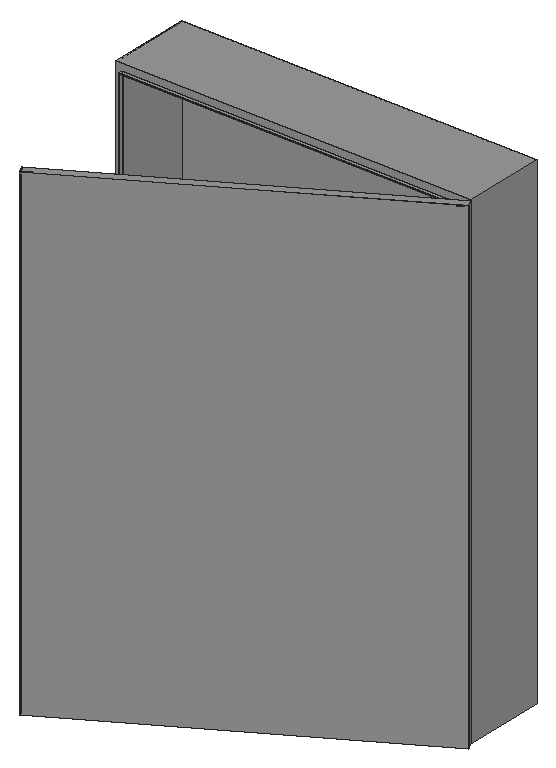
Revit family "Hager-Univers-IP54-D205-H1100-Cl.I-Encl-NoHosted-CH-fr", category Electrical Equipment, Revit 2020
Family settings
  Panel Configuration = Two Columns, Circuits Across
  Round Connector Dimension = Use Diameter
  Part Type = Panelboard
  Work Plane-Based = Yes
  Always vertical = Yes
  Cut with Voids When Loaded = No
  Shared = No
  Room Calculation Point = No
Parameters (values of type "saillie IP54 L800 H1100 P205  - FP73TW2")
  Width Control [instance] = if([EF000008 - largeur] > Min Width, [EF000008 - largeur], Min Width)  # 800 mm
  Type Comments = [HG000003 - Gamme]  # "Univers"
  Thickness Door [instance] = if([EF009171 - épaisseur de matériau de la porte/du couvercle] > 3 mm, 3 mm, [EF009171 - épaisseur de matériau de la porte/du couvercle])  # 1 mm
  Seal Frame Offset [instance] = 17 mm  # constant formula
  Plinth Visibility [instance] = [HG000027 - Hauteur du socle] > 0 mm  # no
  Min Width [instance] = 100 mm  # constant formula
  Min Depth [instance] = (2 * [EF009170 - épaisseur de matériau du boîtier]) + 1 mm  # 3 mm
  Min Height [instance] = 100 mm  # constant formula
  Internal Frame Depth [instance] = (Door System Depth * 0.5)  # 9 mm
  Panel Name [instance] = ""  # (empty or 0)
  Model = ""
  HG000027 - Hauteur du socle = 0 mm
  HG000026 - Installation au sol = no
  HG000024 - Hauteur de la section basse = 600 mm
  HG000023 - Armoire double section = no
  HG000016 - Visibilité de la porte 3D [instance] = yes
  HG000015 - Visibilité de l'emprise de la porte [instance] = no
  HG000014 - Porte à droite [instance] = yes
  HG000013 - Porte à gauche [instance] = not([HG000014 - Porte à droite])  # no
  HG000012 - Angle de pivotement de la porte [instance] = 30.00°
  HG000010 - Portes asymétriques = no
  HG000009 - Porte à double battant = no
  HG000006 - Encastré = no
  HG000004 - Référence fabricant = "FP73TW2"
  HG000003 - Gamme = "Univers"
  HG000002 - avec porte = yes
  Frame Offset Bottom [instance] = 10 mm  # constant formula
  Frame Offset [instance] = 15 mm  # constant formula
  EF015940 - couvercle avec décharge de pression = no
  EF011959 - degré de protection (NEMA) = ""
  EF009554 - nombre d'ouvertures pour plaques à bride = 6
  EF009212 - finition du couvercle = "EV000116 - fermé"
  EF009171 - épaisseur de matériau de la porte/du couvercle = 1 mm
  EF009170 - épaisseur de matériau du boîtier = 1 mm
  EF008873 - courant nominal (In) = 250 A
  EF007800 - adapté à un parafoudre = no
  EF006306 - avec serrure = no
  EF006244 - couvercle/porte transparent(e) = no
  EF005474 - indice de protection (IP) = "EV006419 - IP54"
  EF004464 - type de porte = "EV002646 - unique"
  EF004427 - nombre de modules = 252
  EF004293 - indice de protection contre les chocs (IK) = "EV006815 - IK09"
  EF003532 - convient pour utilisation à l’extérieur = no
  EF002950 - largeur en nombre de modules = 36
  EF001613 - maintien de fonction = "EV000494 - sans"
  EF001596 - matériau du boîtier/corps = "EV000179 - acier"
  EF001131 - profondeur intérieure = 130 mm
  EF001088 - possibilité de montage en saillie = yes
  EF000437 - nombre d'entrées de conduit = 6
  EF000339 - type de capot = "EV001012 - couvercle"
  EF000266 - nombre de rangées = 7
  EF000218 - profondeur d'encastrement = 205 mm
  EF000118 - avec cadre/support de montage = no
  EF000116 - numéro RAL = "9010"
  EF000049 - profondeur = 205 mm
  EF000040 - hauteur = 1100 mm
  EF000008 - largeur = 800 mm
  EF000007 - couleur = "EV000202 - blanc"
  EF000003 - mode de pose = "EV000384 - saillie"
  Door System Leaf Tolerance [instance] = 1.5 mm  # constant formula
  Door System Depth [instance] = 18 mm  # constant formula
  Door Height [instance] = Height Control - [HG000027 - Hauteur du socle]  # 1100 mm
  Description = ""
  Default Elevation = 1219.2 mm
  Connector Offset [instance] = Height Control / 2  # 550 mm
  Manufacturer = "Hager"  # constant formula
  Height Control [instance] = if([EF000040 - hauteur] > Min Height, [EF000040 - hauteur], Min Height)  # 1100 mm
  Depth Control [instance] = if([EF000049 - profondeur] > Min Depth, [EF000049 - profondeur], Min Depth)  # 205 mm
  Bottom Top Plate Trim [instance] = 1.5 mm  # constant formula
  Plinth height Ctrl [instance] = if([HG000027 - Hauteur du socle] > 0 mm, [HG000027 - Hauteur du socle], 12 mm)  # 12 mm
Types (4, lengths in mm): name | Width Control | HG000004 - Référence fabricant | EF009554 - nombre d'ouvertures pour plaques à bride | EF004464 - type de porte | EF004427 - nombre de modules | EF002950 - largeur en nombre de modules | EF000437 - nombre d'entrées de conduit | EF000008 - largeur
  saillie IP54 L1050 H1100 P205  - FP74TW2 | 1050 | "FP74TW2" | 8 | "EV003602 - double" | 336 | 48 | 8 | 1050
  saillie IP54 L1300 H1100 P205  - FP75TW2 | 1300 | "FP75TW2" | 10 | "EV003602 - double" | 420 | 60 | 10 | 1300
  saillie IP54 L550 H1100 P205  - FP72TW2 | 550 | "FP72TW2" | 4 | "EV002646 - unique" | 168 | 24 | 4 | 550
  saillie IP54 L800 H1100 P205  - FP73TW2 | 800 | "FP73TW2" | 6 | "EV002646 - unique" | 252 | 36 | 6 | 800
Reference planes
  plane 1 "Center (Front/Back)": y = 0
  plane 2: z = 0
  plane 3 "Center (Left/Right)": x = 0
  plane 4: y = 0
  plane 5: y = 0
  plane 6: z = 0
  plane 7: x = -400
  plane 8: x = 400
  plane 9: x = 399
  plane 10: x = -399
  plane 11: z = 0
  plane 12: z = 1
  plane 13: y = -205
  plane 14: y = -1
  plane 15: x = 0
  plane 16: y = -187
  plane 17: y = -204
  plane 18: y = -186
  plane 19: x = -384
  plane 20: x = 384
  plane 21: z = 11
  plane 22: x = -383
  plane 23: x = 383
  plane 24: z = 0
  plane 25: z = 1100
  plane 26: z = 1100
  plane 27: z = 1084
  plane 28: z = 1099
Forms (mm)
  Extrusion 1, solid, material "Hager_Steel_RAL7035_Light_Grey", detail levels medium+fine
    sketch origin (-208.679, -4572, 0) x (-1, 0, 0) y (0, -1, 0)
      loop
        line (191.321, -4385) -> (-608.679, -4385) -> (-608.679, -4572) -> (191.321, -4572) -> (191.321, -4385)
    from 0 to 1100
  Extrusion 2, void
    sketch origin (-350.771, -205, 1219.2) x (1, 0, 0) y (0, 0, 1)
      loop
        line (-48.229, -120.2) -> (-48.229, -1218.2) -> (749.771, -1218.2) -> (749.771, -120.2) -> (-48.229, -120.2)
    from -19 to -204
  Extrusion 3, void
    sketch origin (-290.084, -187, 1219.2) x (1, 0, 0) y (0, 0, 1)
      loop
        line (-93.916, -1208.2) -> (674.084, -1208.2) -> (674.084, -135.2) -> (-93.916, -135.2) -> (-93.916, -1208.2)
    from 0 to -1
  Extrusion 4, solid, material "Hager_Steel_RAL7035_Light_Grey", visible <- "Plinth Visibility", detail levels medium+fine
    sketch origin (0, 0, 0) x (1, 0, 0) y (0, 1, 0)
      loop
        line (-400, 0) -> (-400, -187) -> (400, -187) -> (400, 0) -> (-400, 0)
    from 0 to 12 <- "Plinth height Ctrl"
  Extrusion 5, solid, material "Hager_Steel_RAL7035_Light_Grey", detail levels coarse
    sketch origin (0, 0, 0) x (1, 0, 0) y (0, 1, 0)
      loop
        line (-400, 0) -> (-400, -205) -> (400, -205) -> (400, 0) -> (-400, 0)
    from 0 to 1100 <- "Height Control"
  Sweep 6, void
    path in 3D
      loop
        line (-400, -187, 12) -> (400, -187, 12) -> (400, 0, 12) -> (-400, 0, 12) -> (-400, -187, 12)
    profile origin (-400, -93.5, 12) x (1, 0, 0) y (0, 0, 1)
      loop
        line (0, 0) -> (0, -1.5) -> (1.5, -1.5)
        arc (1.5, -1.5) -> (1.061, -0.439) -> (0, 0) r 1.5
  Extrusion 7, solid, material "Hager_Steel_RAL7035_Light_Grey", detail levels fine
    sketch origin (-400, -187, 0) x (1, 0, 0) y (0, 0, 1)
      loop
        line (16, 11) -> (784, 11) -> (784, 1084) -> (16, 1084) -> (16, 11)
      loop
        line (15, 10) -> (785, 10) -> (785, 1085) -> (15, 1085) -> (15, 10)
    from 0 to 9 <- "Internal Frame Depth"
Cuts and joins
  Extrusion 2, Extrusion 3 cuts Extrusion 1
  Sweep 6 cuts Extrusion 4
Lines and regions (mm)
  Masking region 1
    outline origin (0, 0, 0) x (1, 0, 0) y (0, 1, 0)
      loop
        line (-400, 0) -> (-400, -205) -> (400, -205) -> (400, 0) -> (-400, 0)
  Masking region 2, detail levels coarse
    outline origin (-290.084, -187, 1219.2) x (-1, 0, 0) y (0, 0, 1)
      loop
        line (-690.084, -1219.2) -> (109.916, -1219.2) -> (109.916, -119.2) -> (-690.084, -119.2) -> (-690.084, -1219.2)
  Masking region 3, detail levels coarse
    outline origin (0, 0, 0) x (0, 1, 0) y (0, 0, 1)
      loop
        line (0, 0) -> (0, 1100) -> (-205, 1100) -> (-205, 0) -> (0, 0)
  Masking region 4, visible <- "Plinth Visibility", detail levels medium+fine
    outline origin (0, 0, 0) x (0, 1, 0) y (0, 0, 1)
      loop
        line (-1.5, 12) -> (-185.5, 12)
        arc (-185.5, 12) -> (-185.939, 10.939) -> (-187, 10.5) r 1.5
        line (-187, 10.5) -> (-187, 0) -> (0, 0) -> (0, 10.5)
        arc (0, 10.5) -> (-1.061, 10.939) -> (-1.5, 12) r 1.5
  Masking region 5, detail levels medium+fine
    outline origin (0, 0, 594.038) x (0, 1, 0) y (0, 0, 1)
      loop
        line (0, -594.038) -> (0, 505.962) -> (-187, 505.962) -> (-187, -594.038) -> (0, -594.038)
  Masking region 6, detail levels medium+fine
    outline origin (-359.7, -187, 1211.883) x (-1, 0, 0) y (0, 0, 1)
      loop
        line (-759.7, -1211.883) -> (40.3, -1211.883) -> (40.3, -111.883) -> (-759.7, -111.883) -> (-759.7, -1211.883)
  Masking region 7, visible <- "Plinth Visibility", detail levels medium+fine
    outline origin (-320.334, -187, 1041.368) x (-1, 0, 0) y (0, 0, 1)
      loop
        line (-720.334, -1041.368) -> (79.666, -1041.368) -> (79.666, -1030.868)
        arc (79.666, -1030.868) -> (78.606, -1030.429) -> (78.166, -1029.368) r 1.5
        line (78.166, -1029.368) -> (-718.834, -1029.368)
        arc (-718.834, -1029.368) -> (-719.273, -1030.429) -> (-720.334, -1030.868) r 1.5
        line (-720.334, -1030.868) -> (-720.334, -1041.368)
  sketch lines
    curve 1: line (-400, 0, 12) -> (-400, -187, 12)
    curve 2: line (-400, -187, 12) -> (400, -187, 12)
    curve 3: line (400, 0, 12) -> (-400, 0, 12)
    curve 4: line (400, -187, 12) -> (400, 0, 12)
Dimensions and locks
  locked: plane 1 "Center (Front/Back)" to plane 5
  "EF009170 - épaisseur de matériau du boîtier": plane 7 to plane 10
  "EF009170 - épaisseur de matériau du boîtier": plane 8 to plane 9
  equal spacing: plane 7, plane 3 "Center (Left/Right)", plane 8
  "Width Control": plane 7 to plane 8
  "Depth Control": plane 4 to plane 13
  "EF009170 - épaisseur de matériau du boîtier": plane 4 to plane 14
  "Height Control": plane 25 to level
  "HG000027 - Hauteur du socle": plane 11 to level
  "EF009170 - épaisseur de matériau du boîtier": plane 12 to plane 11
  "EF009170 - épaisseur de matériau du boîtier": plane 17 to plane 13
  "EF009170 - épaisseur de matériau du boîtier": plane 18 to plane 16
  "Frame Offset Bottom": plane 21 to plane 12
  "Frame Offset": plane 10 to plane 19
  "Frame Offset": plane 9 to plane 20
  "Door System Depth": plane 16 to plane 13
  "Seal Frame Offset": plane 7 to plane 22
  "Seal Frame Offset": plane 8 to plane 23
  "EF009170 - épaisseur de matériau du boîtier": plane 26 to plane 28
  "Frame Offset": plane 28 to plane 27
  "Connector Offset": plane 2 to connector elem
  "Bottom Top Plate Trim": profile plane to Sweep 6 sketch curve
  "Bottom Top Plate Trim": Sweep 6 sketch curve to Sweep 6 sketch curve
  "Plinth height Ctrl": Masking region 4 sketch curve to level
  "Plinth height Ctrl": Masking region 7 sketch curve to level
  "Thickness Door": Extrusion 7 sketch curve to Extrusion 7 sketch curve  (x4)
  "Bottom Top Plate Trim": radius of Sweep 6 sketch curve
  "Bottom Top Plate Trim": radius of Masking region 4 sketch curve  (x2)
  "Bottom Top Plate Trim": radius of Masking region 7 sketch curve  (x2)
  aligned and locked: Extrusion 2 sketch curve to plane 12
  aligned and locked: Extrusion 2 sketch curve to plane 9
  aligned and locked: Extrusion 2 sketch curve to plane 10
  aligned and locked: Extrusion 2 to plane 14
  aligned and locked: Extrusion 1 sketch curve to plane 4
  aligned and locked: plane 8 to Extrusion 1 sketch curve
  aligned and locked: plane 7 to Extrusion 1 sketch curve
  aligned and locked: Extrusion 2 to plane 18
  aligned and locked: Extrusion 3 sketch curve to plane 19
  aligned and locked: plane 20 to Extrusion 3 sketch curve
  aligned and locked: Extrusion 3 to Extrusion 2
  aligned and locked: Extrusion 3 sketch curve to plane 21
  aligned and locked: plane 3 "Center (Left/Right)" to nested 1
  aligned and locked: Extrusion 1 sketch curve to plane 16
  aligned and locked: Extrusion 4 sketch curve to cut or joined group of Extrusion 1, Extrusion 2, Extrusion 3
  aligned and locked: Masking region 1 sketch curve to plane 7
  aligned and locked: Masking region 1 sketch curve to plane 5
  aligned and locked: Masking region 1 sketch curve to plane 8
  aligned and locked: Masking region 2 sketch curve to level
  aligned and locked: level to Masking region 3 sketch curve
  aligned and locked: plane 1 "Center (Front/Back)" to Masking region 3 sketch curve
  aligned and locked: plane 13 to Masking region 3 sketch curve
  aligned and locked: plane 5 to Masking region 4 sketch curve
  aligned and locked: Masking region 2 sketch curve to plane 8
  aligned and locked: Masking region 2 sketch curve to plane 7
  aligned and locked: plane 7 to nested 2
  aligned and locked: nested 2 to plane 5
  aligned and locked: plane 5 to Masking region 5 sketch curve
  aligned and locked: plane 26 to Masking region 5 sketch curve
  aligned and locked: Extrusion 5 sketch curve to plane 8
  aligned and locked: Extrusion 5 sketch curve to plane 7
  aligned and locked: Extrusion 5 sketch curve to plane 5
  aligned and locked: Extrusion 3 sketch curve to plane 27
  aligned and locked: Extrusion 2 sketch curve to plane 28
  aligned and locked: Masking region 2 to plane 25
  aligned and locked: Extrusion 4 to plane 16
  aligned and locked: profile plane to Sweep 6 sketch curve
  aligned and locked: Masking region 5 sketch curve to plane 24
  aligned and locked: level to Masking region 4 sketch curve
  aligned and locked: Masking region 1 to plane 13
  aligned and locked: nested 1 to plane 16
  aligned and locked: Masking region 3 to plane 25
  aligned and locked: plane 16 to Masking region 4 sketch curve
  aligned and locked: Masking region 5 sketch curve to plane 16
  aligned and locked: plane 24 to plane 11
  aligned and locked: plane 26 to plane 25
  aligned and locked: plane 26 to cut or joined group of Extrusion 1, Extrusion 2, Extrusion 3
  aligned and locked: nested 1 to plane 24
  aligned and locked: Extrusion 1 to Extrusion 3
  aligned and locked: Masking region 6 sketch curve to plane 8
  aligned and locked: Masking region 6 sketch curve to plane 24
  aligned and locked: Masking region 6 sketch curve to plane 7
  aligned and locked: Masking region 6 sketch curve to plane 26
  aligned and locked: Masking region 7 sketch curve to plane 7
  aligned and locked: level to Masking region 7 sketch curve
  aligned and locked: Masking region 7 sketch curve to plane 8
  aligned and locked: Extrusion 7 sketch curve to cut or joined group of Extrusion 1, Extrusion 2, Extrusion 3  (x4)
Automatic sketch dimensions
  plane 19 to Extrusion 3 sketch curve = 0 mm
  Extrusion 3 sketch curve to plane 20 = 0 mm
  Extrusion 3 sketch curve to plane 21 = 0 mm
  Extrusion 4 sketch curve to plane 7 = 0 mm
  Extrusion 4 sketch curve to plane 8 = 0 mm
  Extrusion 4 sketch curve to plane 16 = 0 mm
  Masking region 1 sketch curve to plane 13 = 0 mm
  Masking region 2 sketch curve to plane 25 = 0 mm
  Masking region 3 sketch curve to plane 25 = 0 mm
  Extrusion 5 sketch curve to plane 13 = 0 mm
  profile plane to Sweep 6 sketch curve = 0 mm
Nested families
  nested 1: "EC000058_Univers_Door" at (0, -187, 0), Double <- "HG000009 - Porte à double battant", Transparent <- "EF006244 - couvercle/porte transparent(e)", Angle <- "HG000012 - Angle de pivotement de la porte", Door_Right <- "HG000014 - Porte à droite", Assymetrical <- "HG000010 - Portes asymétriques", Door <- "HG000002 - avec porte", Width_Ctrl <- "Width Control", 3d_Door <- "HG000016 - Visibilité de la porte 3D", Clearance <- "HG000015 - Visibilité de l'emprise de la porte", Door_Left <- "HG000013 - Porte à gauche", Width <- "Width Control", Door_Depth <- "Door System Depth", Leaf_Tolerance <- "Door System Leaf Tolerance", Height <- "Door Height", Lock_Visibility <- "EF006306 - avec serrure", Thickness <- "Thickness Door", type "EC000058_Univers_Door", detail levels medium+fine
    with min_wh 3 mm, Width_Ctrl 800 mm, Width 800 mm, Transparent no, Thickness 1 mm, Seal_Material Hager_Rubber, Lock_Visibility no, Lock_Material Hager_Plastic_RAL9005_Jet_Black, Leaf_Width 800 mm, Leaf_Tolerance_External_Sides 0 mm, Leaf_Tolerance 1.5 mm, Leaf_Offset 0 mm, Leaf_Height 1097 mm, Leaf_2_Width 800 mm, Leaf_2_Offset 400 mm, Leaf_1_Width 800 mm, Leaf_1_Offset 400 mm, Height_Ctrl 1100 mm, Height 1100 mm, Glass_Material Hager_Glass, Double_Clearance_Ctrl no, Double no, Door_Right_Ctrl yes, Door_Right yes, Door_Material Hager_Steel_RAL7035_Light_Grey, Door_Left_Ctrl no, Door_Left no, Door_Depth 18 mm, Door yes, Clearance_Material Hager_Clearance, Clearance_Depth 800 mm, Clearance_Ctrl no, Clearance no, Assymetrical no, Angle 30.00°, 3d_Door yes
  nested 2: "Hager_Enclosure_Symbol" at (-400, 0, 0), Height <- "Depth Control", Width <- "Width Control", type "Hager_Enclosure_Symbol"
    with Width_Ctrl 800 mm, Width 800 mm, Height_Ctrl 205 mm, Height 205 mm, A_Width_Int 13.453 mm, A_Width 161.438 mm, A_Height_Ctrl 179.375 mm, A_Height 179.375 mm
Connectors
  electrical at (0, 0, 550)
    settings: on plane 1 "Center (Front/Back)", index 1, voltage 0 V, apparent load 0 VA, apparent load phase1 0 VA, apparent load phase2 0 VA, apparent load phase3 0 VA, power factor 1, load classification "Other", number of poles 1, system type 30, power factor state 1, is connector primary yes, connector utility no, sub classification motor no, connector description ""
Definition of nested family "EC000058_Univers_Door"
  Parameters (values of type "EC000058_Univers_Door")
    min_wh [instance] = (2 * Thickness) + 1 mm  # 11 mm
    Width_Ctrl [instance] = 400 mm
    Width [instance] = 500 mm
    Transparent [instance] = yes
    Thickness [instance] = 5 mm
    Seal_Material [instance] = none
    Lock_Visibility [instance] = yes
    Lock_Material [instance] = none
    Leaf_Width [instance] = if((Width_Ctrl - 2 * Leaf_Tolerance_External_Sides) > 0 mm, (Width_Ctrl - 2 * Leaf_Tolerance_External_Sides), min_wh)  # 400 mm
    Leaf_Tolerance_External_Sides [instance] = 0 mm  # constant formula
    Leaf_Tolerance [instance] = 1.5 mm
    Leaf_Offset [instance] = 0 mm  # constant formula
    Leaf_Height [instance] = if((Height_Ctrl - 2 * Leaf_Tolerance) > 0 mm, (Height_Ctrl - 2 * Leaf_Tolerance), min_wh)  # 497 mm
    Leaf_2_Width [instance] = if(and(and(Double, Assymetrical), Door_Left), (Leaf_Width / 3) - (Leaf_Tolerance / 2), if(and(and(Double, Assymetrical), Door_Right), (Leaf_Width / 3) * 2 - (Leaf_Tolerance / 2), if(and(Double, not(Assymetrical)), (Leaf_Width / 2) - Leaf_Tolerance, Leaf_Width)))  # 400 mm
    Leaf_2_Offset [instance] = if(and(Double, Assymetrical), Leaf_2_Width / 2, if(and(Double, not(Assymetrical)), Leaf_Width / 4, Leaf_Width / 2))  # 200 mm
    Leaf_1_Width [instance] = if(and(and(Double, Assymetrical), Door_Right), (Leaf_Width / 3) - (Leaf_Tolerance / 2), if(and(and(Double, Assymetrical), Door_Left), (Width / 3) * 2 - (Leaf_Tolerance / 2), if(and(Double, not(Assymetrical)), (Leaf_Width / 2) - Leaf_Tolerance, Leaf_Width)))  # 400 mm
    Leaf_1_Offset [instance] = if(and(Double, Assymetrical), Leaf_1_Width / 2, if(and(Double, not(Assymetrical)), Leaf_Width / 4, Leaf_Width / 2))  # 200 mm
    Height_Ctrl [instance] = if(Height > min_wh, Height, min_wh)  # 500 mm
    Height [instance] = 500 mm
    Glass_Material [instance] = none
    Double_Clearance_Ctrl [instance] = and(Double, Clearance)  # no
    Double [instance] = no
    Door_Right_Ctrl [instance] = and(or(Door_Right, Double), Door)  # yes
    Door_Right [instance] = yes
    Door_Material [instance] = none
    Door_Left_Ctrl [instance] = and(or(Door_Left, Double), Door)  # no
    Door_Left [instance] = no
    Door_Depth [instance] = 30 mm
    Door [instance] = yes
    Default Elevation = 1219.2 mm
    Clearance_Material [instance] = none
    Clearance_Depth [instance] = if(Leaf_1_Width > Leaf_2_Width, Leaf_1_Width, Leaf_2_Width)  # 400 mm
    Clearance_Ctrl [instance] = and(not(Double), Clearance)  # yes
    Clearance [instance] = yes
    Assymetrical [instance] = yes
    Angle [instance] = 30.00°
    3d_Door [instance] = yes
  Reference planes
    plane 1 "Center (Front/Back)": y = 0
    plane 2 "Bottom": z = 0
    plane 3 "Center (Left/Right)": x = 0
    plane 4: z = 500
    plane 5: x = -200
    plane 6: x = 200
    plane 7: z = 500
    plane 8: x = -200
    plane 9: z = 0
    plane 10: x = 200
    plane 11: y = 0
    plane 12: z = 1.5
    plane 13: x = -600
    plane 14: y = -400
    plane 15: x = 600
    plane 16: x = 0
    plane 17: x = 0
    plane 18: x = -200
    plane 19: x = 200
    plane 20: z = 498.5
  Forms (mm)
    Extrusion 1, solid, material <- "Clearance_Material", visible <- "Double_Clearance_Ctrl"
      sketch origin (1200, 0, 0) x (1, 0, 0) y (0, 0, -1)
        loop
          line (-1800, -498.5) -> (-600, -498.5) -> (-600, 0) -> (-1800, 0) -> (-1800, -498.5)
      from 0 to -400
  Dimensions and locks
    equal spacing: plane 5, plane 3 "Center (Left/Right)", plane 6
    "Width_Ctrl": plane 5 to plane 6
    "Leaf_Offset": plane 5 to plane 8
    "Leaf_Offset": plane 6 to plane 10
    "Leaf_Offset": plane 9 to level
    "Leaf_Offset": plane 4 to plane 7
    "Height_Ctrl": plane 4 to level
    "Leaf_Tolerance": plane 12 to plane 9
    locked: plane 11 to plane 1 "Center (Front/Back)"
    "Leaf_1_Offset": plane 18 to plane 16
    "Leaf_2_Offset": plane 17 to plane 19
    "Leaf_1_Width": plane 13 to plane 8
    "Leaf_2_Width": plane 10 to plane 15
    "Clearance_Depth": plane 14 to plane 1 "Center (Front/Back)"
    "Leaf_Tolerance_External_Sides": plane 8 to plane 18
    "Leaf_Tolerance_External_Sides": plane 19 to plane 10
    "Leaf_Tolerance": plane 7 to plane 20
    aligned and locked: level to plane 2 "Bottom"
    aligned and locked: nested 1 to plane 16
    aligned and locked: nested 2 to plane 17
    aligned and locked: Extrusion 1 to plane 13
    aligned and locked: plane 15 to Extrusion 1
    aligned and locked: Extrusion 1 to plane 14
    aligned and locked: plane 12 to nested 1
    aligned and locked: nested 2 to plane 12
    aligned and locked: Extrusion 1 to plane 11
    aligned and locked: plane 20 to Extrusion 1
    aligned and locked: nested 2 to plane 11
    aligned and locked: nested 1 to plane 11
  Automatic sketch dimensions
    Extrusion 1 sketch curve to level = 0 mm
    plane 5 to Extrusion 1 sketch curve = 400 mm
    plane 6 to Extrusion 1 sketch curve = 400 mm
    Extrusion 1 sketch curve to plane 4 = 1.5 mm
  Nested families
    nested 1: "EC000058_Univers_Door_Leaf" at (0, 0, 1.5), Width <- "Leaf_1_Width", visible <- "Door_Left_Ctrl", Leaf_Height <- "Leaf_Height", Angle <- "Angle", 3d_Door <- "3d_Door", Transparent <- "Transparent", Clearance Material <- "Clearance_Material", Clearance <- "Clearance_Ctrl", Door_Material <- "Door_Material", Glass_Material <- "Glass_Material", Door_Depth <- "Door_Depth", Lock_Material <- "Lock_Material", Seal_Material <- "Seal_Material", Lock_Visibility <- "Lock_Visibility", Thickness <- "Thickness", type "EC000058_Univers_Door_Leaf"
      with Width 400 mm, Transparent_Glass_Offset 30 mm, Transparent_Ctrl yes, Transparent yes, Thickness 5 mm, Standard no, Seal_Material none, Seal_D2 8 mm, Seal_D1 1 mm, Offset_Internal_Frame 10 mm, Lock_Width 20 mm, Lock_Visibility_3d yes, Lock_Visibility yes, Lock_Thickness_3 3 mm, Lock_Thickness_2 1 mm, Lock_Thickness_1 3 mm, Lock_Radius_Offset_2 16 mm, Lock_Radius_Offset_1 15 mm, Lock_Radius_2 5 mm, Lock_Radius 6 mm, Lock_Offset 5 mm, Lock_Material none, Lock_Height 80 mm, Lock_Cover_Top_Offset_2d 17 mm, Lock_Cover_Height -65 mm, Leaf_Height 497 mm, Internal_Seal_Thickness 8 mm, Internal_Seal_Depth_2 4.5 mm, Internal_Frame_Depth 25 mm, Glass_Thickness -1 mm, Glass_Offset -2 mm, Glass_Material none, Door_Material none, Door_Depth 30 mm, Clearance Material none, Clearance yes, Angle_Ctrl 30.00°, Angle 30.00°, 3d_Door yes
    nested 2: "EC000058_Univers_Door_Leaf" at (0, 0, 1.5) x (-1, 0, 0) z (0, 0, 1), Width <- "Leaf_2_Width", visible <- "Door_Right_Ctrl", Leaf_Height <- "Leaf_Height", Angle <- "Angle", 3d_Door <- "3d_Door", Transparent <- "Transparent", Clearance Material <- "Clearance_Material", Clearance <- "Clearance_Ctrl", Door_Material <- "Door_Material", Glass_Material <- "Glass_Material", Door_Depth <- "Door_Depth", Lock_Material <- "Lock_Material", Seal_Material <- "Seal_Material", Lock_Visibility <- "Lock_Visibility", Thickness <- "Thickness", type "EC000058_Univers_Door_Leaf"
      with Width 400 mm, Transparent_Glass_Offset 30 mm, Transparent_Ctrl yes, Transparent yes, Thickness 5 mm, Standard no, Seal_Material none, Seal_D2 8 mm, Seal_D1 1 mm, Offset_Internal_Frame 10 mm, Lock_Width 20 mm, Lock_Visibility_3d yes, Lock_Visibility yes, Lock_Thickness_3 3 mm, Lock_Thickness_2 1 mm, Lock_Thickness_1 3 mm, Lock_Radius_Offset_2 16 mm, Lock_Radius_Offset_1 15 mm, Lock_Radius_2 5 mm, Lock_Radius 6 mm, Lock_Offset 5 mm, Lock_Material none, Lock_Height 80 mm, Lock_Cover_Top_Offset_2d 17 mm, Lock_Cover_Height -65 mm, Leaf_Height 497 mm, Internal_Seal_Thickness 8 mm, Internal_Seal_Depth_2 4.5 mm, Internal_Frame_Depth 25 mm, Glass_Thickness -1 mm, Glass_Offset -2 mm, Glass_Material none, Door_Material none, Door_Depth 30 mm, Clearance Material none, Clearance yes, Angle_Ctrl 30.00°, Angle 30.00°, 3d_Door yes
  Definition of nested family "EC000058_Univers_Door_Leaf"
    Parameters (values of type "EC000058_Univers_Door_Leaf")
      Width [instance] = 2000 mm
      Transparent_Glass_Offset [instance] = 30 mm
      Transparent_Ctrl [instance] = and(Transparent, [3d_Door])  # yes
      Transparent [instance] = yes
      Thickness [instance] = 5 mm
      Standard [instance] = and(not(Transparent), [3d_Door])  # no
      Seal_Material [instance] = none
      Seal_D2 [instance] = 8 mm  # constant formula
      Seal_D1 [instance] = 1 mm  # constant formula
      Offset_Internal_Frame [instance] = 10 mm  # constant formula
      Lock_Width [instance] = 20 mm  # constant formula
      Lock_Visibility_3d [instance] = and(Lock_Visibility, [3d_Door])  # yes
      Lock_Visibility [instance] = yes
      Lock_Thickness_3 [instance] = 3 mm  # constant formula
      Lock_Thickness_2 [instance] = 1 mm  # constant formula
      Lock_Thickness_1 [instance] = 3 mm  # constant formula
      Lock_Radius_Offset_2 [instance] = Lock_Radius_Offset_1 + 1 mm  # 16 mm
      Lock_Radius_Offset_1 [instance] = 15 mm  # constant formula
      Lock_Radius_2 [instance] = Lock_Radius - 1 mm  # 5 mm
      Lock_Radius [instance] = 6 mm  # constant formula
      Lock_Offset [instance] = 5 mm  # constant formula
      Lock_Material [instance] = none
      Lock_Height [instance] = 80 mm  # constant formula
      Lock_Cover_Top_Offset_2d [instance] = Lock_Radius_Offset_2 + 1 mm  # 17 mm
      Lock_Cover_Height [instance] = -(Lock_Height - Lock_Radius_Offset_1)  # -65 mm
      Leaf_Height [instance] = 2720.336 mm
      Internal_Seal_Thickness [instance] = 8 mm  # constant formula
      Internal_Seal_Depth_2 [instance] = 4.5 mm  # constant formula
      Internal_Frame_Depth [instance] = if(Door_Depth - Thickness > 5 mm, Door_Depth - Thickness, 5 mm)  # 25 mm
      Glass_Thickness [instance] = if(Thickness > 15 mm, Glass_Offset + 10 mm, -1 mm)  # -1 mm
      Glass_Offset [instance] = if(Thickness > 15 mm, -(Thickness + 10 mm) / 2, -2 mm)  # -2 mm
      Glass_Material [instance] = none
      Door_Material [instance] = none
      Door_Depth [instance] = 30 mm
      Default Elevation = 0 mm
      Clearance Material [instance] = none
      Clearance [instance] = yes
      Angle_Ctrl [instance] = if(Angle > 180.00°, 180.00°, Angle)  # 90.00°
      Angle [instance] = 90.00°
      3d_Door [instance] = yes
    Reference planes
      plane 1 "Center (Front/Back)": y = 0
      plane 2: z = 0
      plane 3 "Center (Left/Right)": x = 0
      plane 4: y = 2000
      plane 5: x = -1000
      plane 6: x = 1000
      plane 7: x = -3000
      plane 8: z = 2720.336
      plane 9: z = 30
      plane 10: z = 2690.336
      plane 11: x = 970
      plane 12: x = -970
      plane 13: y = -3
      plane 14: z = 107.833
      plane 15: y = -5
      plane 16: y = -223.314
      plane 17: x = -1000
      plane 18: z = 1360.168
      plane 19: y = 30
    Forms (mm)
      Extrusion 1, solid, material <- "Clearance Material", visible <- "Clearance"
        sketch origin (0, 0, 0) x (1, 0, 0) y (0, 0, 1)
          loop
            line (-3000, 2720.336) -> (-3000, 0) -> (1000, 0) -> (1000, 2720.336) -> (-3000, 2720.336)
        from 0 to -2000
      Extrusion 2, solid, material <- "Door_Material", visible <- "Standard", detail levels medium+fine
        sketch origin (-1000, 0, 0) x (0, 1, 0) y (-1, 0, 0)
          loop
            line (0, 30) -> (0, 25) -> (2000, 25) -> (2000, 30) -> (0, 30)
        from 0 to 2720.336 <- "Leaf_Height"
      Extrusion 3, solid, material <- "Door_Material", visible <- "Transparent_Ctrl", detail levels medium+fine
        sketch origin (-1000, 0, 0) x (0, 1, 0) y (-1, 0, 0)
          loop
            line (0, 25) -> (2000, 25) -> (2000, 30) -> (0, 30) -> (0, 25)
        from 0 to 2720.336 <- "Leaf_Height"
      Extrusion 4, void
        sketch origin (-1025, 2000, 0) x (0, 1, 0) y (0, 0, -1)
          loop
            line (-30, -2690.336) -> (-30, -30) -> (-1970, -30) -> (-1970, -2690.336) -> (-30, -2690.336)
        from 0 to 5 <- "Thickness"
      Sweep 5, solid, material <- "Seal_Material", visible <- "Transparent_Ctrl", detail levels fine
        path in 3D
          loop
            line (-1025, 30, 30) -> (-1025, 30, 2690.336) -> (-1025, 1970, 2690.336) -> (-1025, 1970, 30) -> (-1025, 30, 30)
        profile origin (-1025, 1000, 30) x (1, 0, 0) y (0, 0, 1)
          loop
            line (0, 0) -> (0, -8) -> (1, -8) -> (1, 0) -> (0, 0)
      Extrusion 6, solid, material <- "Glass_Material", visible <- "Transparent_Ctrl", detail levels medium+fine
        sketch origin (-1030, 0, 0) x (0, 1, 0) y (0, 0, -1)
          loop
            line (1970, -2690.336) -> (1970, -30) -> (30, -30) -> (30, -2690.336) -> (1970, -2690.336)
        from -2 <- "Glass_Offset" to -1 <- "Glass_Thickness"
      Extrusion 7, solid, material <- "Door_Material", visible <- "3d_Door", detail levels medium+fine
        sketch origin (-1025, 2000, 0) x (0, -1, 0) y (0, 0, -1)
          loop
            line (0, -2720.336) -> (2000, -2720.336) -> (2000, 0) -> (0, 0) -> (0, -2720.336)
          loop
            line (1995, -5) -> (5, -5) -> (5, -2715.336) -> (1995, -2715.336) -> (1995, -5)
        from 0 to 25 <- "Internal_Frame_Depth"
      Sweep 8, solid, material <- "Seal_Material", visible <- "Transparent_Ctrl", detail levels fine
        path in 3D
          loop
            line (-1025, 0, 0) -> (-1025, 2000, 0) -> (-1025, 2000, 2720.336) -> (-1025, 0, 2720.336) -> (-1025, 0, 0)
        profile origin (-1025, 0, 1360.168) x (1, 0, 0) y (0, 1, 0)
          loop
            line (0, 10) -> (2.975, 10)
            arc (2.975, 10) -> (4.053, 10.447) -> (4.5, 11.525) r 1.525
            line (4.5, 11.525) -> (4.5, 16.527)
            arc (4.5, 16.527) -> (4.069, 17.569) -> (3.027, 18) r 1.473
            line (3.027, 18) -> (0, 18) -> (0, 10)
      Extrusion 9, solid, material <- "Lock_Material", visible <- "Lock_Visibility_3d", detail levels fine
        sketch origin (-1030, 0, 0) x (0, 1, 0) y (0, 0, -1)
          loop
            arc (1993.5, -1400.168) -> (1994.561, -1399.729) -> (1995, -1398.668) r 1.5
            line (1995, -1398.668) -> (1995, -1320.168) -> (1975, -1320.168) -> (1975, -1398.668)
            arc (1975, -1398.668) -> (1975.439, -1399.729) -> (1976.5, -1400.168) r 1.5
            line (1976.5, -1400.168) -> (1993.5, -1400.168)
        from 3 <- "Lock_Thickness_1" to 0
      Blend 10, solid, material <- "Lock_Material", visible <- "Lock_Visibility_3d", detail levels fine
        base sketch origin (-1033, 0, 0) x (0, 1, 0) y (0, 0, -1)
          loop
            line (1975, -1320.168) -> (1975, -1398.668)
            arc (1975, -1398.668) -> (1975.439, -1399.729) -> (1976.5, -1400.168) r 1.5
            line (1976.5, -1400.168) -> (1993.5, -1400.168)
            arc (1993.5, -1400.168) -> (1994.561, -1399.729) -> (1995, -1398.668) r 1.5
            line (1995, -1398.668) -> (1995, -1320.168) -> (1975, -1320.168)
        top sketch origin (-1033, 0, 0) x (0, 1, 0) y (0, 0, -1)
          loop
            line (1976, -1320.168) -> (1976, -1398.668)
            arc (1976, -1398.668) -> (1976.146, -1399.022) -> (1976.5, -1399.168) r 0.5
            line (1976.5, -1399.168) -> (1993.5, -1399.168)
            arc (1993.5, -1399.168) -> (1993.854, -1399.022) -> (1994, -1398.668) r 0.5
            line (1994, -1398.668) -> (1994, -1320.168) -> (1976, -1320.168)
        from 0 to 1 <- "Lock_Thickness_2"
      Blend 11, solid, material <- "Lock_Material", visible <- "Lock_Visibility_3d", detail levels fine
        base sketch origin (-1034, 0, 0) x (0, 1, 0) y (0, 0, -1)
          loop
            line (1978, -1320.168) -> (1978, -1384.168)
            arc (1978, -1384.168) -> (1985, -1391.168) -> (1992, -1384.168) r 7
            line (1992, -1384.168) -> (1992, -1320.168) -> (1978, -1320.168)
        top sketch origin (-1034, 0, 0) x (0, 1, 0) y (0, 0, -1)
          loop
            line (1991, -1320.168) -> (1979, -1320.168) -> (1979, -1383.168)
            arc (1979, -1383.168) -> (1985, -1389.168) -> (1991, -1383.168) r 6
            line (1991, -1383.168) -> (1991, -1320.168)
        from 0 to 3 <- "Lock_Thickness_3"
      Extrusion 12, solid, material <- "Lock_Material", visible <- "Lock_Visibility_3d", detail levels fine
        sketch origin (-1030, 1975, 1320.168) x (1, 0, 0) y (0, -1, 0)
          loop
            line (-7, -19) -> (-7, -1) -> (0, -1) -> (0, 0) -> (-8, 0) -> (-8, -20) -> (0, -20) -> (0, -19) -> (-7, -19)
        from 0 to -65 <- "Lock_Cover_Height"
      Extrusion 13, void
        sketch origin (-1038, 1995, 1320.168) x (-1, 0, 0) y (0, 0, -1)
          loop
            line (-5, -65) -> (0, -65) -> (-5, -60) -> (-5, -65)
        from 0 to 20 <- "Lock_Width"
      Extrusion 14, void
        sketch origin (-1038, 1975, 1320.168) x (0, -1, 0) y (0, 0, -1)
          loop
            circle (-10, -15.995) r 6
          loop
            circle (-10, -15.995) r 5
        from 0 to 2
      Extrusion 15, solid, material <- "Lock_Material", visible <- "Lock_Visibility_3d", detail levels medium
        sketch origin (-1030, 0, 0) x (0, 1, 0) y (0, 0, -1)
          loop
            arc (1993.5, -1400.168) -> (1994.561, -1399.729) -> (1995, -1398.668) r 1.5
            line (1995, -1398.668) -> (1995, -1320.168) -> (1975, -1320.168) -> (1975, -1398.668)
            arc (1975, -1398.668) -> (1975.439, -1399.729) -> (1976.5, -1400.168) r 1.5
            line (1976.5, -1400.168) -> (1993.5, -1400.168)
        from 8 to 0
    Cuts and joins
      Extrusion 4 cuts Extrusion 3
      Extrusion 13, Extrusion 14 cuts Extrusion 9
      Extrusion 14 cuts Blend 11
      Extrusion 13, Extrusion 14 cuts Extrusion 12
      joined: Extrusion 9, Blend 10, Blend 11, Extrusion 12
      Extrusion 14 cuts Extrusion 15
    Lines and regions (mm)
      Masking region 1, visible <- "Lock_Visibility", detail levels fine
        outline origin (0, 0, 0) x (0, 1, 0) y (0, 0, 1)
          loop
            line (30, 1320.168) -> (33, 1320.168) -> (33, 1400.168) -> (30, 1400.168) -> (30, 1320.168)
      Masking region 2, visible <- "Lock_Visibility", detail levels fine
        outline origin (0, 3.143, 0) x (0, 1, 0) y (0, 0, 1)
          loop
            line (29.857, 1354.168) -> (30.857, 1354.168) -> (30.857, 1366.168) -> (29.857, 1366.168) -> (29.857, 1354.168)
      Masking region 3, detail levels medium+fine
        outline origin (0, 0, 0) x (0, 1, 0) y (0, 0, 1)
          loop
            line (0, 0) -> (30, 0) -> (30, 2720.336) -> (0, 2720.336) -> (0, 0)
      Masking region 4, detail levels medium+fine
        outline origin (0, 0, 0) x (1, 0, 0) y (0, 0, 1)
          loop
            line (-1000, 2720.336) -> (-1000, 0) -> (1000, 0) -> (1000, 2720.336) -> (-1000, 2720.336)
      Masking region 5, visible <- "Lock_Visibility", detail levels fine
        outline origin (-47.116, 0, 0) x (1, 0, 0) y (0, 0, 1)
          loop
            arc (1024.616, 1399.168) -> (1023.556, 1398.729) -> (1023.116, 1397.668) r 1.5
            line (1023.116, 1397.668) -> (1023.116, 1320.168) -> (1041.116, 1320.168) -> (1041.116, 1397.668)
            arc (1041.116, 1397.668) -> (1040.677, 1398.729) -> (1039.616, 1399.168) r 1.5
            line (1039.616, 1399.168) -> (1024.616, 1399.168)
      Masking region 6, visible <- "Lock_Visibility", detail levels medium+fine
        outline origin (-25, 0, 0) x (1, 0, 0) y (0, 0, 1)
          loop
            arc (1001.5, 1400.168) -> (1000.439, 1399.729) -> (1000, 1398.668) r 1.5
            line (1000, 1398.668) -> (1000, 1320.168) -> (1020, 1320.168) -> (1020, 1398.668)
            arc (1020, 1398.668) -> (1019.561, 1399.729) -> (1018.5, 1400.168) r 1.5
            line (1018.5, 1400.168) -> (1001.5, 1400.168)
      Masking region 7, visible <- "Lock_Visibility", detail levels fine
        outline origin (-73.735, 0, 0) x (1, 0, 0) y (0, 0, 1)
          loop
            line (1051.735, 1382.168) -> (1065.735, 1382.168) -> (1065.735, 1384.168)
            arc (1065.735, 1384.168) -> (1058.735, 1391.168) -> (1051.735, 1384.168) r 7
            line (1051.735, 1384.168) -> (1051.735, 1382.168)
      Masking region 8, visible <- "Lock_Visibility", detail levels fine
        outline origin (-73.735, 0, 0) x (1, 0, 0) y (0, 0, 1)
          loop
            line (1052.735, 1382.168) -> (1064.735, 1382.168) -> (1064.735, 1383.168)
            arc (1064.735, 1383.168) -> (1058.735, 1389.168) -> (1052.735, 1383.168) r 6
            line (1052.735, 1383.168) -> (1052.735, 1382.168)
      Masking region 9, visible <- "Lock_Visibility", detail levels fine
        outline origin (-25, 0, 0) x (1, 0, 0) y (0, 0, 1)
          loop
            line (1020, 1320.168) -> (1020, 1382.168) -> (1000, 1382.168) -> (1000, 1320.168) -> (1020, 1320.168)
      Masking region 10, detail levels medium+fine
        outline origin (0, 0, 0) x (1, 0, 0) y (0, 0, 1)
          loop
            circle (985, 1335.144) r 6
      Masking region 11, detail levels fine
        outline origin (0, 0, 0) x (1, 0, 0) y (0, 0, 1)
          loop
            circle (985, 1335.144) r 5
      Masking region 12, visible <- "Lock_Visibility", detail levels fine
        outline origin (0, 12.767, 0) x (0, 1, 0) y (0, 0, 1)
          loop
            line (20.233, 1320.168) -> (21.233, 1320.168) -> (21.233, 1399.168) -> (20.233, 1400.168) -> (20.233, 1320.168)
      Masking region 13, visible <- "Lock_Visibility", detail levels fine
        outline origin (0, 13.767, -10) x (0, 1, 0) y (0, 0, 1)
          loop
            line (20.233, 1330.168) -> (23.233, 1330.168) -> (23.233, 1399.168) -> (20.233, 1402.168) -> (20.233, 1330.168)
      Masking region 14, visible <- "Lock_Visibility", detail levels fine
        outline origin (0, 12.767, -10) x (0, 1, 0) y (0, 0, 1)
          loop
            line (20.233, 1330.168) -> (25.233, 1330.168) -> (25.233, 1399.305) -> (20.233, 1394.305) -> (20.233, 1330.168)
      Masking region 15, visible <- "Lock_Visibility", detail levels medium
        outline origin (0, 0, 0) x (0, 1, 0) y (0, 0, 1)
          loop
            line (30, 1320.168) -> (38, 1320.168) -> (38, 1400.168) -> (30, 1400.168) -> (30, 1320.168)
      Masking region 16, visible <- "Lock_Visibility", detail levels fine
        outline origin (-1000, 0, 0) x (0, 1, 0) y (-1, 0, 0)
          loop
            line (1975, 30) -> (1995, 30) -> (1995, 38) -> (1975, 38) -> (1975, 30)
          loop
            line (1979, 37) -> (1976, 37) -> (1976, 34) -> (1978, 34) -> (1979, 37)
          loop
            line (1994, 37) -> (1991, 37) -> (1992, 34) -> (1994, 34) -> (1994, 37)
      Masking region 17, visible <- "Lock_Visibility", detail levels medium
        outline origin (-1000, 0, 0) x (0, 1, 0) y (-1, 0, 0)
          loop
            line (1975, 30) -> (1995, 30) -> (1995, 38) -> (1975, 38) -> (1975, 30)
      symbolic lines
        curve 1: line (1000, 0, 0) -> (-3000, 0, 0)
        curve 2: arc (1000, 0, 0) -> (-1000, 2000, 0) -> (-3000, 0, 0) r 2000
        curve 4: line (-1030, 0, 0) -> (-1030, 2000, 0)
      reference lines
        curve 3: line (-1000, 0, 0) -> (-1000, 2000, 0)
      symbolic lines, detail levels medium+fine
        curve 5: line (-1030, 2000, 0) -> (-1025, 2000, 0)
        curve 7: line (-1025, 0, 0) -> (-1030, 0, 0)
        curve 8: line (-1025, 0, 0) -> (-1000, 0, 0)
        curve 9: line (-1000, 0, 0) -> (-1000, 2000, 0)
        curve 10: line (-1000, 2000, 0) -> (-1025, 2000, 0)
      symbolic lines, detail levels fine
        curve 6: line (-1025, 2000, 0) -> (-1025, 0, 0)
      sketch lines
        curve 11: line (-1025, 0, 2720.336) -> (-1025, 0, 0)
        curve 12: line (-1025, 2000, 0) -> (-1025, 0, 0)
        curve 13: line (-1025, 2000, 2720.336) -> (-1025, 2000, 0)
        curve 14: line (-1025, 0, 2720.336) -> (-1025, 2000, 2720.336)
        curve 15: line (-1025, 1970, 30) -> (-1025, 30, 30)
        curve 16: line (-1025, 30, 30) -> (-1025, 30, 2690.336)
        curve 17: line (-1025, 1970, 2690.336) -> (-1025, 1970, 30)
        curve 18: line (-1025, 30, 2690.336) -> (-1025, 1970, 2690.336)
      symbolic lines, visible <- "Transparent", detail levels medium+fine
        curve 19: line (-970, 0, 2690.336) -> (970, 0, 2690.336)
        curve 20: line (-970, 0, 30) -> (-970, 0, 2690.336)
        curve 21: line (970, 0, 30) -> (-970, 0, 30)
        curve 22: line (970, 0, 2690.336) -> (970, 0, 30)
    Dimensions and locks
      "Width": plane 1 "Center (Front/Back)" to plane 4
      equal spacing: plane 5, plane 3 "Center (Left/Right)", plane 6
      "Width": plane 5 to plane 6
      "Width": plane 7 to plane 5
      "Leaf_Height": plane 8 to level
      "Width": curve 5 to curve 3
      "Width": curve 3 to curve 3
      plane 8 to plane 10 = 30 mm
      plane 9 to level = 30 mm
      plane 12 to plane 5 = 30 mm
      plane 6 to plane 11 = 30 mm
      Extrusion 1 to Extrusion 4 sketch curve = 30 mm
      "Transparent_Glass_Offset": curve 3 to Extrusion 4 sketch curve
      "Transparent_Glass_Offset": Extrusion 4 sketch curve to cut or joined group of Extrusion 3, Extrusion 4  (x2)
      cut or joined group of Extrusion 3, Extrusion 4 to Extrusion 6 sketch curve = 30 mm
      "Transparent_Glass_Offset": cut or joined group of Extrusion 3, Extrusion 4 to Extrusion 4 sketch curve
      "Thickness": curve 6 to curve 4
      "Thickness": Extrusion 7 sketch curve to Extrusion 7 sketch curve  (x4)
      "Door_Depth": curve 4 to curve 3
      "Offset_Internal_Frame": profile plane to Sweep 8 sketch curve
      "Internal_Seal_Thickness": Sweep 8 sketch curve to Sweep 8 sketch curve
      "Internal_Seal_Depth_2": profile plane to Sweep 8 sketch curve
      "Seal_D1": profile plane to Sweep 5 sketch curve
      "Seal_D2": profile plane to Sweep 5 sketch curve
      "Thickness": Extrusion 2 sketch curve to Extrusion 2 sketch curve
      equal spacing: Extrusion 9 sketch curve, plane 18, Extrusion 9 sketch curve  (x2)
      equal spacing: Masking region 1 sketch curve, plane 18, Masking region 1 sketch curve
      "Lock_Height": Masking region 1 sketch curve to Masking region 1 sketch curve
      "Lock_Radius": Masking region 2 sketch curve to plane 18 to Masking region 2 sketch curve
      Masking region 2 sketch curve to Masking region 1 = 1 mm
      "Door_Depth": plane 19 to plane 1 "Center (Front/Back)"
      "Lock_Thickness_1": Masking region 1 sketch curve to plane 19
      "Lock_Width": Extrusion 9 sketch curve to Extrusion 9 sketch curve
      "Lock_Height": Extrusion 9 sketch curve to Extrusion 9 sketch curve
      "Lock_Offset": cut or joined group of Extrusion 3, Extrusion 4 to Extrusion 9 sketch curve
      equal spacing: plane 8, plane 18, level
      "Lock_Radius_Offset_1": Blend 11 sketch curve to Blend 10
      locked: Blend 10 to Blend 11 sketch curve at 2  (x2)
      locked: var sketch to Blend 11 sketch curve at 1  (x2)
      "Lock_Radius_Offset_2": Blend 11 sketch curve to Blend 10
      locked: Extrusion 12 sketch curve to Extrusion 12 sketch curve at 1  (x3)
      Masking region 6 sketch curve to Masking region 6 sketch curve = 80 mm
      "Lock_Height": Masking region 6 sketch curve to Masking region 6 sketch curve
      "Lock_Width": Masking region 6 sketch curve to Masking region 6 sketch curve
      locked: Masking region 6 to Masking region 5 sketch curve at 1  (x3)
      locked: Masking region 5 to Masking region 7 sketch curve at 2  (x2)
      "Lock_Radius_Offset_1": Masking region 5 to Masking region 7 sketch curve
      "Lock_Radius_Offset_2": Masking region 5 to Masking region 8 sketch curve
      locked: Masking region 7 to Masking region 8 sketch curve at 1  (x2)
      "Lock_Cover_Top_Offset_2d": Masking region 5 to Masking region 9 sketch curve
      equal spacing: Masking region 9, Masking region 10 sketch curve, Masking region 9
      equal spacing: Masking region 9, Masking region 11 sketch curve, Masking region 9
      Extrusion 15 sketch curve to Extrusion 15 sketch curve = 80 mm
      "Lock_Width": Extrusion 15 sketch curve to Extrusion 15 sketch curve
      "Lock_Height": Extrusion 15 sketch curve to Extrusion 15 sketch curve
      equal spacing: Extrusion 15 sketch curve, plane 18, Extrusion 15 sketch curve
      "Lock_Thickness_3": Masking region 13 sketch curve to Masking region 13 sketch curve
      "Lock_Height": Masking region 12 sketch curve to Masking region 12 sketch curve
      locked: Masking region 13 sketch curve to Masking region 1 at 8
      locked: Masking region 14 sketch curve to Masking region 13 at 1
      locked: Masking region 14 sketch curve to Masking region 1 at 10.863
      "Lock_Height": Masking region 15 sketch curve to Masking region 15 sketch curve
      "Lock_Offset": Extrusion 15 sketch curve to cut or joined group of Extrusion 3, Extrusion 4
      "Lock_Offset": plane 6 to Masking region 6 sketch curve
      radius of Sweep 8 sketch curve = 1.525 mm
      radius of Sweep 8 sketch curve = 1.473 mm
      radius of Extrusion 9 sketch curve = 1.5 mm  (x2)
      "Lock_Radius": radius of Extrusion 14 sketch curve
      "Lock_Radius_2": radius of Extrusion 14 sketch curve
      "Lock_Radius": radius of Masking region 10 sketch curve
      "Lock_Radius_2": radius of Masking region 11 sketch curve
      radius of Extrusion 15 sketch curve = 1.5 mm  (x2)
      "Angle_Ctrl": angle plane 1 "Center (Front/Back)" to curve 3
      locked: Masking region 12 sketch curve to Masking region 12 sketch curve (angle 45.00°)
      locked: Masking region 13 sketch curve to Masking region 13 sketch curve (angle 45.00°)
      locked: Masking region 14 sketch curve to Masking region 14 sketch curve (angle 45.00°)
      aligned and locked: level to plane 2
      aligned and locked: Extrusion 1 to curve 1
      aligned and locked: plane 6 to Extrusion 1
      aligned and locked: Extrusion 1 to plane 1 "Center (Front/Back)"
      aligned and locked: plane 4 to Extrusion 1
      aligned and locked: plane 8 to Extrusion 1
      aligned and locked: curve 7 to Extrusion 2 sketch curve
      aligned and locked: curve 5 to Extrusion 2 sketch curve
      aligned and locked: curve 7 to Extrusion 3 sketch curve
      aligned and locked: Extrusion 3 sketch curve to curve 4
      aligned and locked: Extrusion 3 sketch curve to curve 6
      aligned and locked: Extrusion 3 sketch curve to curve 5
      aligned and locked: curve 9 to curve 3
      aligned and locked: Extrusion 7 sketch curve to cut or joined group of Extrusion 3, Extrusion 4  (x4)
      aligned and locked: plane 17 to curve 3
      aligned and locked: plane 1 "Center (Front/Back)" to curve 3
      aligned and locked: plane 17 to plane 5
      aligned and locked: Sweep 8 sketch curve to profile plane
      aligned and locked: Sweep 5 sketch curve to profile plane  (x2)
      aligned and locked: Masking region 1 to Masking region 2 sketch curve
      aligned and locked: plane 19 to Masking region 1 sketch curve
      aligned and locked: plane 1 "Center (Front/Back)" to Masking region 3 sketch curve
      aligned and locked: plane 19 to Masking region 3 sketch curve
      aligned and locked: level to Masking region 3 sketch curve
      aligned and locked: Masking region 3 sketch curve to plane 8
      aligned and locked: plane 17 to Masking region 4 sketch curve
      aligned and locked: level to Masking region 4 sketch curve
      aligned and locked: Masking region 4 sketch curve to plane 8
      aligned and locked: plane 12 to curve 20
      aligned and locked: plane 10 to curve 19
      aligned and locked: plane 11 to curve 22
      aligned and locked: curve 21 to plane 9
      aligned and locked: Extrusion 2 sketch curve to cut or joined group of Extrusion 3, Extrusion 4
      aligned and locked: Blend 10 sketch curve to Extrusion 9  (x4)
      aligned and locked: Extrusion 9 to Blend 10 sketch curve
      aligned and locked: Blend 10 to Blend 11 sketch curve
      aligned and locked: Extrusion 12 sketch curve to Blend 11
      aligned and locked: Extrusion 12 sketch curve to Extrusion 9  (x4)
      aligned and locked: Masking region 5 sketch curve to Masking region 6
      aligned and locked: Masking region 9 sketch curve to Masking region 6  (x3)
      aligned and locked: Masking region 12 sketch curve to Masking region 1
      aligned and locked: Masking region 13 sketch curve to Masking region 1
      aligned and locked: Masking region 12 to Masking region 14
      aligned and locked: Masking region 14 sketch curve to Masking region 1
      aligned and locked: Masking region 15 sketch curve to Masking region 14
      aligned and locked: Masking region 13 sketch curve to Masking region 12
      aligned and locked: Masking region 16 sketch curve to cut or joined group of Extrusion 14, Extrusion 15  (x4)
      aligned and locked: Masking region 16 sketch curve to cut or joined group of Extrusion 9, Blend 10, Blend 11, Extrusion 12, Extrusion 13, Extrusion 14  (x6)
      aligned and locked: cut or joined group of Extrusion 9, Blend 10, Blend 11, Extrusion 12, Extrusion 13, Extrusion 14 to Masking region 16 sketch curve
      aligned and locked: Masking region 17 sketch curve to cut or joined group of Extrusion 14, Extrusion 15  (x3)
      aligned and locked: Masking region 17 sketch curve to cut or joined group of Extrusion 9, Blend 10, Blend 11, Extrusion 12, Extrusion 13, Extrusion 14
      aligned and locked: Masking region 9 to Masking region 8 sketch curve
      aligned and locked: Masking region 9 to Masking region 7 sketch curve
    Automatic sketch dimensions
      plane 1 "Center (Front/Back)" to curve 2 = 0 mm
      curve 2 to plane 5 = 0 mm
      Extrusion 1 sketch curve to level = 0 mm
      Extrusion 1 sketch curve to plane 7 = 0 mm
      Extrusion 1 sketch curve to plane 6 = 0 mm
      Extrusion 1 sketch curve to plane 8 = 0 mm
      Extrusion 3 to Extrusion 6 sketch curve = 30 mm  (x4)
      Masking region 4 sketch curve to plane 6 = 0 mm
      Blend 10 sketch curve to Extrusion 9 = 1.5 mm
      Blend 10 sketch curve to Extrusion 9 = 1 mm
      Extrusion 13 sketch curve to Extrusion 12 = 0 mm  (x2)
      Extrusion 12 to Extrusion 13 sketch curve = 3 mm
      Extrusion 13 sketch curve to Extrusion 12 = 5 mm
      Extrusion 14 sketch curve to Extrusion 14 sketch curve = 0 mm  (x2)
      Extrusion 14 sketch curve to Extrusion 12 = 10 mm
      Extrusion 14 sketch curve to Extrusion 12 = 15.995 mm
      Masking region 5 sketch curve to Masking region 5 sketch curve = 1.5 mm  (x2)
      Masking region 10 sketch curve to plane 18 = 25.024 mm
      Masking region 11 sketch curve to plane 18 = 25.024 mm
      plane 19 to Masking region 14 sketch curve = 3 mm
      Masking region 16 sketch curve to Masking region 16 sketch curve = 3 mm
      curve 4 to curve 3 = 0 mm
      Blend 10 to Blend 11 sketch curve = 0 mm
      Masking region 6 sketch curve to Masking region 6 sketch curve = 1.5 mm  (x2)
      Masking region 6 sketch curve to plane 18 = 40 mm
      plane 19 to Masking region 12 sketch curve = 3 mm
      Masking region 12 sketch curve to Masking region 12 sketch curve = 1 mm
      Masking region 15 sketch curve to plane 19 = 0 mm
      Masking region 15 sketch curve to plane 18 = 40 mm
      radius of Blend 10 sketch curve to Extrusion 9 = 1 mm
Definition of nested family "Hager_Enclosure_Symbol"
  Parameters (values of type "Hager_Enclosure_Symbol")
    Width_Ctrl [instance] = if(Width > 1 mm, Width, 1 mm)  # 102.27 mm
    Width [instance] = 102.27 mm
    Height_Ctrl [instance] = if(Height > 1 mm, Height, 1 mm)  # 66.5 mm
    A_Width_Int [instance] = if(A_Width / 12 > 2 mm, A_Width / 12, 2 mm)  # 4.364 mm
    A_Width [instance] = if(A_Height_Ctrl * 0.9 > 2 mm, A_Height_Ctrl * 0.9, 2 mm)  # 52.369 mm
    A_Height_Ctrl [instance] = if(A_Height > 2 mm, A_Height, 2 mm)  # 58.188 mm
    Height [instance] = 66.5 mm
    A_Height [instance] = Height - (Height / 8)  # 58.188 mm
  Reference planes
    plane 1 "Centre (avant/arrière)": y = 0
    plane 2: z = 0
    plane 3 "Centre (gauche/droite)": x = 0
    plane 4: x = 52.369
    plane 5: y = 33.042
    plane 6: y = 41.77
    plane 7: y = 66.5
    plane 8: x = 26.184
    plane 9: y = 37.406
    plane 10: x = 102.27
    plane 11: y = 66.5
    plane 12: y = 8.313
  Lines and regions (mm)
    Filled region 1, type "Solid_Black", in view "Niveau de réf."
      outline origin (0, 0, 0) x (1, 0, 0) y (0, 1, 0)
        loop
          line (52.369, 66.5) -> (33.188, 54.536) -> (45.365, 45.006) -> (52.369, 66.5)
    Filled region 2, type "Solid_Black", in view "Niveau de réf."
      outline origin (0, 0, 0) x (1, 0, 0) y (0, 1, 0)
        loop
          line (0, 0) -> (102.27, 0) -> (102.27, 66.5) -> (0, 0)
    detail lines, in view "Niveau de réf."
      curve 1: line (0, 8.313, 0) -> (26.184, 41.77, 0)
      curve 2: line (26.184, 41.77, 0) -> (26.184, 33.042, 0)
      curve 3: line (26.184, 33.042, 0) -> (52.369, 66.5, 0)
  Dimensions and locks
    "A_Width": plane 3 "Centre (gauche/droite)" to plane 4
    equal spacing: plane 3 "Centre (gauche/droite)", plane 8, plane 4
    equal spacing: plane 6, plane 9, plane 5
    equal spacing: curve 3, Filled region 1 sketch curve, Filled region 1 sketch curve
    "Height_Ctrl": plane 1 "Centre (avant/arrière)" to plane 11
    "A_Height_Ctrl": plane 11 to plane 12
    equal spacing: plane 11, plane 9, plane 12
    "A_Width_Int": plane 6 to plane 9
    "Width_Ctrl": plane 3 "Centre (gauche/droite)" to plane 10
    angle Filled region 1 sketch curve to curve 3 = 20.00°
    angle curve 3 to Filled region 1 sketch curve = 20.00°
    locked: curve 3 to Filled region 1 sketch curve (angle 90.00°)
    aligned and locked: plane 10 to Filled region 2
    aligned and locked: plane 11 to Filled region 2 sketch curve
    aligned and locked: plane 10 to Filled region 2 sketch curve
    aligned and locked: plane 3 "Centre (gauche/droite)" to curve 1
    aligned and locked: plane 12 to curve 1
    aligned and locked: plane 7 to plane 11
  Automatic sketch dimensions
    Filled region 1 sketch curve to plane 4 = 0 mm
    Filled region 1 sketch curve to plane 7 = 0 mm
    plane 1 "Centre (avant/arrière)" to Filled region 2 sketch curve = 0 mm
    Filled region 2 sketch curve to plane 3 "Centre (gauche/droite)" = 0 mm
    curve 2 to plane 6 = 0 mm
    curve 2 to plane 8 = 0 mm
    curve 3 to plane 4 = 0 mm
    curve 2 to plane 5 = 0 mm
    curve 3 to plane 7 = 0 mm
